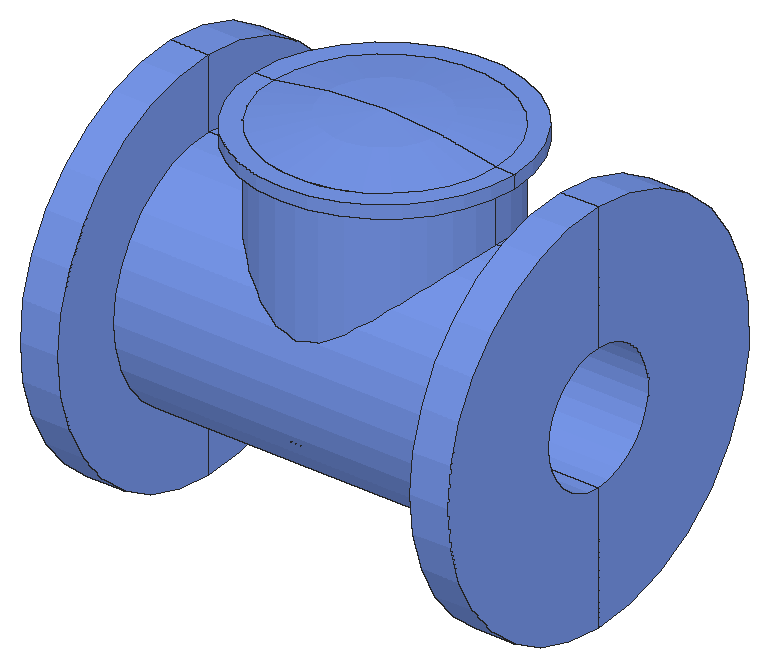
Revit family "VMC-502A_Series", category Pipe Accessories, Revit 2014
Parameters (values of type "6030-0197 - 2 1/2"")
  Width = 5.18"
  Waste Connection = no
  Vent Connection = no
  Price = "Prices may vary. Please consult Manufacturer Representative for most up-to-date price list."  # constant formula
  Pipe Size = 2 1/2"
  No. of Bolts = 4
  Model = "VMC-525A"
  Material = "Metal-Zoeller-Cast Iron"  # constant formula
  Manufacturer = "Zoeller"
  Length = 8 1/2"
  Height = 7"
  HW Connection = no
  Flange Thickness = 3/4"
  Description = "Swing-Flex Check Valve"  # constant formula
  Default Elevation = 0"
  Creation Date = "3/4/2016"  # constant formula
  CWP (PSI) = 250.00 psi  # constant formula
  CW Connection = no
  Bolt Size = 5/8"
  Bolt Hole Location = 5 1/2"
  Assembly Code = "D2090800"
Types (6): name | Width | Pipe Size | No. of Bolts | Model | Length | Height | Flange Thickness | Bolt Size | Bolt Hole Location
  (no name) | 5.18" | 2 1/2" | 4 | "VMC-525A" | 8 1/2" | 7" | 3/4" | 5/8" | 5 1/2"
  6030-0197 - 2 1/2" | 5.18" | 2 1/2" | 4 | "VMC-525A" | 8 1/2" | 7" | 3/4" | 5/8" | 5 1/2"
  6030-0202 - 3" | 7 1/2" | 3" | 4 | "VMC-503A" | 9 1/2" | 7 1/2" | 207/256" | 5/8" | 6"
  6030-0203 - 4" | 8 1/4" | 4" | 8 | "VMC-504A" | 11 1/2" | 9" | 3/4" | 5/8" | 7 1/2"
  6030-0180 - 6" | 11 33/256" | 6" | 8 | "VMC-506C" | 14" | 11" | 3/4" | 3/4" | 9 1/2"
  6030-0190 - 8" | 16" | 8" | 8 | "VMC-508A" | 19 1/2" | 13 1/2" | 225/256" | 3/4" | 11 3/4"
Reference planes (in)
  plane 1 "Center (Front/Back)": y = 0
  plane 2: z = 0
  plane 3 "Center (Left/Right)": x = 0
  plane 4: x = -4.25
  plane 5: x = 4.25
  plane 6: z = 3.5
  plane 7: z = -3.5
  plane 8: y = 2.59
  plane 9: y = -2.59
  plane 10: z = 1.25
  plane 11: z = -1.25
  plane 12: x = -3.5
  plane 13: x = 3.5
  plane 14: z = 3.75
  plane 15: z = -3.75
  plane 16: x = -2.59
  plane 17: x = 2.59
  plane 18: x = -2.215
  plane 19: x = 2.215
  plane 20: z = 2.375
  plane 21: z = -2.375
Forms (in)
  Revolve 1, solid, material "Metal-Zoeller-Cast Iron"
    sketch origin (0, 0, 0) x (1, 0, 0) y (0, 0, 1)
      loop
        line (-4.25, 3.75) -> (-4.25, 1.25) -> (4.25, 1.25) -> (4.25, 3.75) -> (3.5, 3.75) -> (3.5, 2.375) -> (-3.5, 2.375) -> (-3.5, 3.75) -> (-4.25, 3.75)
      axis (-4.25, 0) -> (4.25, 0)
    angle from 0 to 360
  Revolve 2, solid, material "Metal-Zoeller-Cast Iron"
    sketch origin (0, 0, 0) x (1, 0, 0) y (0, 0, 1)
      loop
        line (0, -1.25) -> (0, 4.00254)
        arc (0, 4.00254) -> (-1.11468, 3.9392) -> (-2.215, 3.75) r 9.84002
        line (-2.215, 3.75) -> (-2.59, 3.75) -> (-2.59, 3.5) -> (-2.215, 3.5) -> (-2.215, -0.75)
        arc (-2.215, -0.75) -> (-2.06855, -1.10355) -> (-1.715, -1.25) r 0.5
        line (-1.715, -1.25) -> (0, -1.25)
      axis (0, 4.00254) -> (0, -1.25)
    angle from 0 to 360
Dimensions and locks (in)
  "Height": plane 6 to plane 7
  "Length": plane 5 to plane 4
  equal spacing: plane 6, level, plane 7
  equal spacing: plane 5, plane 3 "Center (Left/Right)", plane 4
  "Width": plane 8 to plane 9
  equal spacing: plane 8, plane 1 "Center (Front/Back)", plane 9
  "Pipe Size": plane 10 to plane 11
  equal spacing: plane 10, level, plane 11
  "Flange Thickness": plane 12 to plane 4
  "Flange Thickness": plane 13 to plane 5
  locked: plane 7 to plane 15 at 0.25
  locked: plane 14 to plane 6 at 0.25
  "Width": plane 17 to plane 16
  equal spacing: plane 17, plane 3 "Center (Left/Right)", plane 16
  locked: plane 18 to plane 16 at 0.375
  locked: plane 19 to plane 17 at 0.375
  equal spacing: plane 6, plane 20, plane 10
  equal spacing: plane 11, plane 21, plane 7
  aligned and locked: Revolve 1 sketch curve to plane 14
  aligned and locked: plane 4 to Revolve 1 sketch curve
  aligned and locked: plane 5 to Revolve 1 sketch curve
  aligned and locked: Revolve 1 sketch curve to plane 13
  aligned and locked: Revolve 1 sketch curve to plane 12
  aligned and locked: Revolve 1 sketch curve to Revolve 1 sketch curve
  aligned and locked: Revolve 1 sketch curve to plane 10
  aligned and locked: Revolve 2 sketch curve to plane 11
  aligned and locked: plane 18 to Revolve 2 sketch curve  (x2)
  aligned and locked: plane 6 to Revolve 2 sketch curve
  aligned and locked: plane 16 to Revolve 2 sketch curve
  aligned and locked: Revolve 2 sketch curve to plane 14
  aligned and locked: plane 3 "Center (Left/Right)" to Revolve 2 sketch curve
  aligned and locked: Revolve 1 sketch curve to plane 20
Automatic sketch dimensions
  Revolve 1 sketch curve to level = 0"
  Revolve 1 sketch curve to plane 4 = 1/4"
  Revolve 1 sketch curve to Revolve 1 sketch curve = 5 1/2"
  Revolve 2 sketch curve to plane 3 "Center (Left/Right)" = 0"
  Revolve 2 sketch curve to level = 3/4"
  plane 15 to Revolve 2 sketch curve = 2.08748"
  Revolve 2 sketch curve to plane 7 = 3/4"
  Revolve 2 sketch curve to Revolve 2 sketch curve = 0.08748"
Connectors (in)
  piping at (4.25, 0, 0), diameter 2.5, driven by "Pipe Size"
    settings: on Revolve 1, index 1, connector inside diameter 24", connector length 0", flow factor 0, pipe flow 0 GPM, pressure drop 0.00 psi, fitting loss kfactor 0, connector angle 0.00°, fixture units 0, engagement length 0", angle of deflection 0.00°, flow configuration 0, flow direction 2, fitting loss method 0, system type 29, joint type 0, gender type 0, connector reference index -1, connector utility 0, adjustable connector no, is connector primary yes, connector description ""
  piping at (-4.25, 0, 0), diameter 2.5, driven by "Pipe Size"
    settings: on Revolve 1, index 2, connector inside diameter 24", connector length 0", flow factor 0, pipe flow 0 GPM, pressure drop 0.00 psi, fitting loss kfactor 0, connector angle 0.00°, fixture units 0, engagement length 0", angle of deflection 0.00°, flow configuration 0, flow direction 1, fitting loss method 0, system type 29, joint type 0, gender type 0, connector reference index -1, connector utility 0, adjustable connector no, is connector primary no, connector description ""
